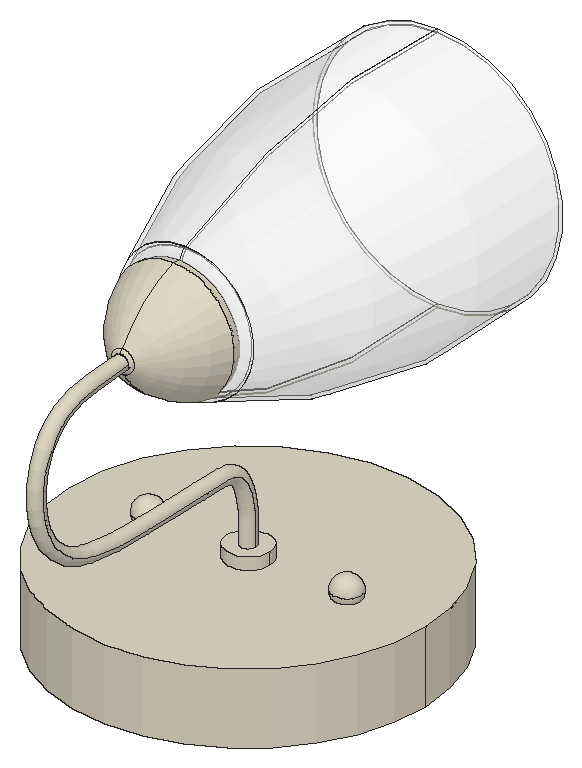
Revit family "P2706-09 1-100W MED BATH BRACKET", category Lighting Fixtures, host Face, Revit 2012
Parameters (values of type "P2706-09 1-100W MED BATH BRACKET")
  Wattage Comments = "100 W"  # constant formula
  URL = "http://www.progresslighting.com/"
  Product Page URL = "http://www.progresslighting.com/products.aspx?product=P2706-09"
  Product Documentation Link = "http://www.progresslighting.com/SpecSheets/P2706.pdf"
  Mounting = "Wall Mount"  # constant formula
  Model = "P2706-09"  # constant formula
  Manufacturer Phone = "864-678-1000"  # constant formula
  Manufacturer Fax = "864-678-1065"  # constant formula
  Manufacturer = "Progress Lighting"  # constant formula
  Lamp = "One"  # constant formula
  Glass = Ethed Glass Shade
  Description = "One-light bath with bulb"  # constant formula
  Default Elevation = 48"
  Back Plate = Plated Brushed Nickel
Reference planes (in)
  plane 1 "Center (Front/Back)": y = 0
  plane 2: z = 0
  plane 3 "Center (Left/Right)": x = 0
  plane 4: x = 3.18019
  plane 5: x = -39.06981
  plane 6: x = -3.31981
  plane 7: x = -2.5
  plane 8: x = 2.5
  plane 9: z = 1
  plane 10: x = 2.00116
Forms (in)
  Extrusion 1, solid, material "Plated Brushed Nickel" <- "Back Plate"
    sketch origin (-0.06981, -0.12476, 0) x (-1, 0, 0) y (0, -1, 0)
      loop
        circle (-0.07097, -0.11829) r 2.5
    from 0 to 1
  Revolve 2, solid, material "Plated Brushed Nickel" <- "Back Plate"
    sketch origin (-0.35818, -0.1274, 1.0756) x (1, 0, 0) y (0, 1, 0)
      loop
        line (1.75188, -0.07446) -> (1.75188, 0.32398)
        arc (1.75188, 0.32398) -> (1.55266, 0.12476) -> (1.75188, -0.07446) r 0.19922
      axis (1.75188, -0.07446) -> (1.75188, 0.32398)
    angle from 0 to 360
  Revolve 3, solid, material "Plated Brushed Nickel" <- "Back Plate"
    sketch origin (0.35818, -0.1274, 1.0756) x (-1, 0, 0) y (0, -1, 0)
      loop
        arc (1.75188, 0.07446) -> (1.55266, -0.12476) -> (1.75188, -0.32398) r 0.19922
        line (1.75188, -0.32398) -> (1.75188, 0.07446)
      axis (1.75188, 0.07446) -> (1.75188, -0.32398)
    angle from 0 to 360
Dimensions and locks (in)
  plane 5 to plane 3 "Center (Left/Right)" = 39.06981"
  plane 4 to plane 3 "Center (Left/Right)" = 3.18019"
  plane 5 to plane 6 to plane 3 "Center (Left/Right)" = 35 3/4" locked, 3.31981"
  locked: plane 7 to plane 3 "Center (Left/Right)" at 2.5
  locked: plane 8 to plane 3 "Center (Left/Right)" at 2.5
  nested 1 to plane 7 = 2 1/2"
  nested 1 to plane 1 "Center (Front/Back)" = 0.06861"  (x2)
  plane 3 "Center (Left/Right)" to plane 7 = 2 1/2"
  locked: plane 2 to plane 9 at 1
  radius of Extrusion 1 sketch curve = 2 1/2"
  aligned and locked: plane 2 to host face
  aligned and locked: nested 1 to plane 3 "Center (Left/Right)"
  aligned and locked: plane 3 "Center (Left/Right)" to nested 1
  aligned and locked: plane 9 to Extrusion 1
Nested families (in)
  nested 1: "P2706" at (0, -0.06861, 1) x (-1, 0, 0) z (0, 0, 1), type "P2706"
Definition of nested family "P2706"
  Parameters (values of type "P2706")
    Wattage = 9.2903 W
    built-in parameter 1150110 = 1 (stored number, unit not read)
    built-in parameter 1114217 = 1 (stored number, unit not read)
    built-in parameter 1150109 = 1 (stored number, unit not read)
    built-in parameter 1150134 = 3
    built-in parameter 1150113 = 1 (stored number, unit not read)
    built-in parameter 1150105 = 109.82 (stored number, unit not read)
    Lumens = 1380 lm
    built-in parameter 1150115 = 1 (stored number, unit not read)
    Light Source Symbol Size = 3"
    built-in parameter 1150137 = (empty or 0)
    built-in parameter 1150139 = (empty or 0)
    built-in parameter 1150112 = 1 (stored number, unit not read)
    built-in parameter 1150114 = 1 (stored number, unit not read)
    built-in parameter 1150132 = (empty or 0)
    built-in parameter 1150102 = (empty or 0)
    built-in parameter 1150107 = 3200 (stored number, unit not read)
    built-in parameter 1150138 = (empty or 0)
    built-in parameter 1150106 = 1.0982 (stored number, unit not read)
    Glass = Ethed Glass Shade
    built-in parameter 1150104 = 13.8 (stored number, unit not read)
    Dimming Lamp Color Temperature Shift = (empty or 0)
    Default Elevation = 48"
    Color Filter = 16777215
    built-in parameter 1114218 = 1 (stored number, unit not read)
    Back Plate = Plated Brushed Nickel
    built-in parameter 1150133 = 10 (stored number, unit not read)
  Reference planes (in)
    plane 1 "Center (Front/Back)": y = 0
    plane 2: z = -1.32579
    plane 3 "Center (Left/Right)": x = 0
    plane 4: z = -1.16191
    plane 5: y = 3.76589
    plane 6: y = -3.40892
    plane 7: z = 1.83809
    plane 8: y = 1.12807
    plane 9: y = 2.16225
    plane 10: z = 3.42421
    plane 11: y = 1.12806
  Forms (in)
    Extrusion 1, solid
      sketch origin (0, 0, 0) x (1, 0, 0) y (0, 1, 0)
        loop
          line (-48, 48) -> (-48, -48) -> (48, -48) -> (48, 48) -> (-48, 48)
      from -1.32579 to -12
    Extrusion 2, solid, material "Plated Brushed Nickel" <- "Back Plate"
      sketch origin (0, -0.07723, 0) x (1, 0, 0) y (0, 1, 0)
        loop
          circle (0, 0) r 0.3
      from 0 to 0.16387
    Sweep 3, solid, material "Plated Brushed Nickel" <- "Back Plate"
      path origin (0, -0.14985, 0) x (0, 1, 0) y (0, 0, 1)
        loop
          spline (0.07723, 0.16387) -> (0.12227, 0.8063) -> (0.42203, 1.18236) -> (0.93815, 1.20243) -> (1.57964, 1.20057) -> (2.26292, 1.20445) -> (2.90209, 1.27415) -> (3.40998, 1.5116) -> (3.72177, 1.93858) -> (3.79317, 2.49977) -> (3.57517, 3.05499) -> (3.01801, 3.36087) -> (2.2598, 3.42421)
      profile origin (0, 2.75223, 1.27415) x (0, -0.228186, 0.973617) y (1, 0, 0)
        loop
          circle (0, 0.00052) r 0.10287
    Revolve 4, solid, material "Ethed Glass Shade" <- "Glass"
      sketch origin (0, 0.27754, -1.32579) x (0, 1, 0) y (0, 0, 1)
        loop
          arc (-3.68646, 2.99276) -> (-1.41456, 3.07105) -> (0.74175, 3.79073) r 7.92917
          arc (0.74175, 3.79073) -> (0.82115, 3.86355) -> (0.85053, 3.96719) r 0.19752
          line (0.85053, 3.96719) -> (0.85053, 4.75) -> (0.80053, 4.75) -> (0.80053, 3.96826)
          arc (0.80053, 3.96826) -> (0.77833, 3.88993) -> (0.71832, 3.83491) r 0.14926
          arc (0.71832, 3.83491) -> (-1.42667, 3.11967) -> (-3.68646, 3.04306) r 7.87917
          line (-3.68646, 3.04306) -> (-3.68646, 2.99276)
        axis (0.85053, 4.75) -> (-3.68646, 4.75)
      angle from 0 to 360
    Revolve 5, solid, material "Plated Brushed Nickel" <- "Back Plate"
      sketch origin (0, 0.26165, 0) x (0, 1, 0) y (0, 0, 1)
        loop
          line (1.9006, 3.42421) -> (0.86641, 3.42421) -> (0.86641, 2.59003) -> (0.97372, 2.571)
          arc (0.97372, 2.571) -> (1.47824, 2.84497) -> (1.86429, 3.2699) r 1.71757
          arc (1.86429, 3.2699) -> (1.89041, 3.28636) -> (1.9006, 3.3155) r 0.04679
          line (1.9006, 3.3155) -> (1.9006, 3.42421)
        axis (1.9006, 3.42421) -> (0.86641, 3.42421)
      angle from 0 to 360
  Lines and regions (in)
    model lines
      curve 1: line (0, 2.16225, 3.42463) -> (0, 2.16225, 3.3155)
      curve 2: arc (0, 2.16225, 3.3155) -> (0, 2.15206, 3.28636) -> (0, 2.12594, 3.2699) r 0.04679
      curve 3: arc (0, 2.12594, 3.2699) -> (0, 1.72041, 2.8299) -> (0, 1.18854, 2.55573) r 1.71757
      curve 4: arc (0, 2.0956, 3.3155) -> (0, 1.69212, 2.87122) -> (0, 1.15749, 2.59854) r 1.66757
      curve 5: line (0, 2.0956, 3.3155) -> (0, 2.0956, 3.42463)
      curve 6: line (0, 2.0956, 3.42463) -> (0, 2.16225, 3.42463)
  Dimensions and locks (in)
    plane 4 to plane 2 = 0.16387"
    locked: plane 4 to plane 7 at 3
    plane 5 to plane 1 "Center (Front/Back)" = 3.76589"
    locked: Extrusion 1 to plane 4 at 0.16387
    plane 6 to curve 5 = 5.50451"
    radius of Extrusion 2 sketch curve = 0.3"
    aligned and locked: plane 2 to Extrusion 1
    aligned and locked: Extrusion 2 to level
    aligned and locked: plane 3 "Center (Left/Right)" to imposter light
    aligned and locked: plane 8 to Revolve 4 sketch curve
    aligned and locked: plane 10 to Sweep 3
    aligned and locked: Revolve 5 sketch curve to curve 3
    aligned and locked: Revolve 5 sketch curve to curve 2
    aligned and locked: Revolve 5 sketch curve to curve 1
    aligned and locked: plane 10 to Revolve 5 sketch curve
    aligned and locked: plane 11 to Revolve 5 sketch curve
    aligned and locked: Revolve 5 sketch curve to Revolve 5 sketch curve
    aligned and locked: plane 10 to Sweep 3 sketch curve
    aligned and locked: plane 6 to Revolve 4 sketch curve
    aligned and locked: imposter light to plane 10
